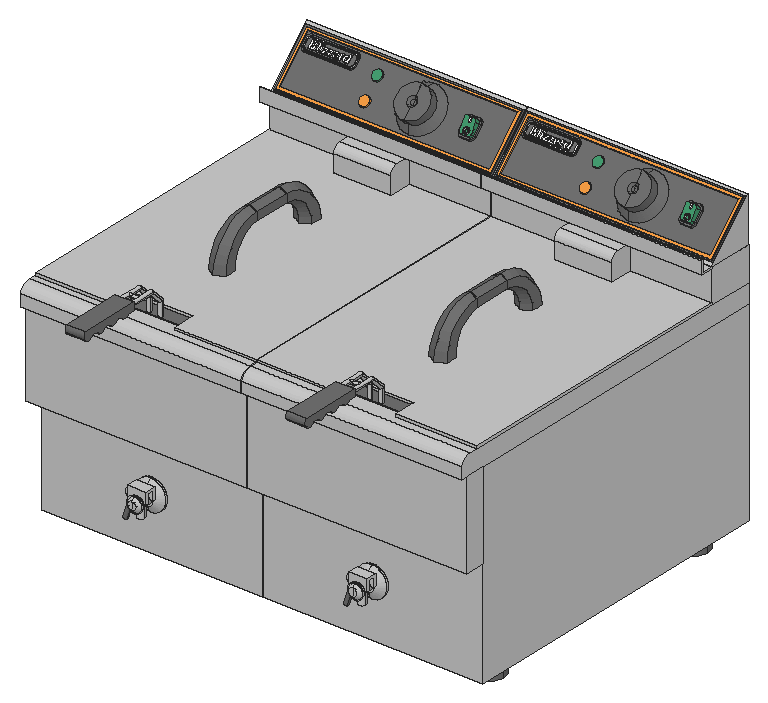
Revit family "QF_BLIZZARD_BF8-8", category Specialty Equipment, Revit 2016
Family settings
  Part Type = Normal
  Round Connector Dimension = Use Diameter
  OmniClass Number = 23.40.40.14
  OmniClass Title = Food Service Equipment
  Work Plane-Based = No
  Always vertical = Yes
  Cut with Voids When Loaded = No
  Shared = No
  Room Calculation Point = No
Parameters (values of type "BF8-8")
  URL = "www.blizzardequipment.com"
  Show Logo [instance] = yes
  Show Clearance [instance] = yes
  Model = "BF8-8"
  Manufacturer = "BLIZZARD"
  Description = "6000W DOUBLE TANK ELECTRIC FRYER WITH TAP 2 X 8L"
  Assembly Code = "E1090320"
Reference planes
  plane 1 "Back": y = 0
  plane 2: z = 0
  plane 3 "Left": x = 0
  plane 4 "Right": x = 580
  plane 5 "Front": y = -470
  plane 6 "Top": z = 405
Forms (mm)
  Extrusion 1, solid
    sketch origin (0, 0, 0) x (0, 1, 0) y (0, 0, 1)
      loop
        line (0, 345) -> (-60, 345) -> (-60, 300.012) -> (0, 300.012) -> (0, 345)
    from 0 to 290
  Extrusion 2, solid
    sketch origin (0, 0, 74.988) x (0, 1, 0) y (0, 0, 1)
      loop
        line (0, 270.012) -> (0, 330.012) -> (-60, 270.012) -> (0, 270.012)
    from 0 to 290
  Extrusion 3, solid
    sketch origin (0, 0, 65) x (0, 1, 0) y (0, 0, 1)
      loop
        line (0, 235.012) -> (-455, 235.012)
        arc (-455, 235.012) -> (-464.156, 232.126) -> (-470, 224.509) r 15.963
        line (-470, 224.509) -> (-470, 209.509) -> (0, 209.509) -> (0, 235.012)
    from 0 to 290
  Extrusion 4, solid
    sketch origin (0, 0, 0) x (0, 1, 0) y (0, 0, 1)
      loop
        line (0, 300.012) -> (-435, 300.012) -> (-435, 19.509) -> (0, 19.509) -> (0, 300.012)
    from 0 to 290
  Extrusion 5, solid
    sketch origin (0, 0, 65) x (0, 1, 0) y (0, 0, 1)
      loop
        line (-435, 209.509) -> (-461.464, 209.509) -> (-461.464, 94.761) -> (-435, 94.761) -> (-435, 209.509)
    from 0 to 290
  Extrusion 6, solid
    sketch origin (0, 0, 65) x (1, 0, 0) y (0, 1, 0)
      loop
        line (0, -60) -> (0, -445) -> (107.5, -445) -> (107.5, -415) -> (182.5, -415) -> (182.5, -445) -> (290, -445) -> (290, -60) -> (182.5, -60) -> (182.5, -90) -> (107.5, -90) -> (107.5, -60) -> (0, -60)
    from 235.012 to 238.012
  Extrusion 7, solid
    sketch origin (0, 0, 55) x (0, 1, 0) y (0, 0, 1)
      loop
        line (-90, 270.012) -> (-90, 245.012) -> (-60, 245.012) -> (-60, 280.012) -> (-80, 280.012)
        arc (-80, 280.012) -> (-87.071, 277.084) -> (-90, 270.012) r 10
    from 107.5 to 182.5
  Extrusion 8, solid
    sketch origin (0, 44.77, 0) x (1, 0, 0) y (0, 1, 0)
      loop
        circle (32.179, -94.77) r 20
    from 0 to 19.509
  Extrusion 9, solid
    sketch origin (225, 44.77, 0) x (1, 0, 0) y (0, 1, 0)
      loop
        circle (32.179, -94.77) r 20
    from 0 to 19.509
  Extrusion 10, solid
    sketch origin (0, -290.23, 0) x (1, 0, 0) y (0, 1, 0)
      loop
        circle (32.179, -94.77) r 20
    from 0 to 19.509
  Extrusion 11, solid
    sketch origin (225, -290.23, 0) x (1, 0, 0) y (0, 1, 0)
      loop
        circle (32.179, -94.77) r 20
    from 0 to 19.509
  SweptBlend 12, solid
    path origin (145, -40, 58.013) x (0, 1, 0) y (0, 0, 1)
      loop
        arc (-140, 245) -> (-153.394, 277.336) -> (-185.73, 290.73) r 45.73
    profile origin (145, -180, 303.013) x (0, -1, 0) y (1, 0, 0)
      loop
        line (-13.826, 0) -> (-6.913, -11.974) -> (6.913, -11.974) -> (13.826, 0) -> (6.913, 11.974) -> (-6.913, 11.974) -> (-13.826, 0)
    end profile origin (145, -225.73, 348.743) x (0, 0, -1) y (1, 0, 0)
      loop
        line (-5.187, 8.984) -> (-10.373, 0) -> (-5.187, -8.984) -> (5.187, -8.984) -> (10.373, 0) -> (5.187, 8.984) -> (-5.187, 8.984)
  Extrusion 13, solid
    sketch origin (0, -10, 58.013) x (1, 0, 0) y (0, 0, 1)
      loop
        line (153.984, 285.543) -> (153.984, 295.917) -> (145, 301.103) -> (136.016, 295.917) -> (136.016, 285.543) -> (145, 280.357) -> (153.984, 285.543)
    from 215.73 to 265
  SweptBlend 14, solid
    path origin (145, -460.73, 58.013) x (0, -1, 0) y (0, 0, -1)
      loop
        arc (-140, -245) -> (-153.394, -277.336) -> (-185.73, -290.73) r 45.73
    profile origin (145, -320.73, 303.013) x (0, -1, 0) y (1, 0, 0)
      loop
        line (13.826, 0) -> (6.913, 11.974) -> (-6.913, 11.974) -> (-13.826, 0) -> (-6.913, -11.974) -> (6.913, -11.974) -> (13.826, 0)
    end profile origin (145, -275, 348.743) x (0, 0, 1) y (1, 0, 0)
      loop
        line (5.187, 8.984) -> (-5.187, 8.984) -> (-10.373, 0) -> (-5.187, -8.984) -> (5.187, -8.984) -> (10.373, 0) -> (5.187, 8.984)
  Extrusion 15, solid
    sketch origin (0, 0, 0) x (0, 1, 0) y (0, 0, 1)
      loop
        line (-60, 345) -> (-75, 345) -> (-75, 360) -> (-77, 360) -> (-77, 343) -> (-60, 343) -> (-60, 345)
    from 0 to 290
  Extrusion 16, solid
    sketch origin (132.5, 0, 50) x (0, 1, 0) y (0, 0, 1)
      loop
        line (-479.826, 289.253) -> (-559.619, 289.253)
        arc (-559.619, 289.253) -> (-561.702, 284.152) -> (-559.619, 279.051) r 7.289
        arc (-559.619, 279.051) -> (-554.681, 277.153) -> (-549.826, 279.253) r 7
        arc (-549.826, 279.253) -> (-544.826, 281.354) -> (-539.826, 279.253) r 7
        arc (-539.826, 279.253) -> (-534.826, 277.152) -> (-529.826, 279.253) r 7
        arc (-529.826, 279.253) -> (-524.826, 281.354) -> (-519.826, 279.253) r 7
        arc (-519.826, 279.253) -> (-514.826, 277.152) -> (-509.826, 279.253) r 7
        arc (-509.826, 279.253) -> (-504.826, 281.354) -> (-499.826, 279.253) r 7
        arc (-499.826, 279.253) -> (-494.826, 277.152) -> (-489.826, 279.253) r 7
        line (-489.826, 279.253) -> (-479.826, 279.253) -> (-479.826, 289.253)
    from 0 to 25
  Sweep 17, solid
    path origin (137.5, 0, 50) x (0, 1, 0) y (0, 0, 1)
      loop
        line (-479.826, 284.253) -> (-446.21, 284.253) -> (-430.604, 268.646) -> (-430.604, 246.244)
    profile origin (137.5, -463.018, 334.253) x (0, 0, 1) y (1, 0, 0)
      loop
        circle (0, 0) r 2.5
  Sweep 18, solid
    path origin (152.5, 0, 50) x (0, 1, 0) y (0, 0, -1)
      loop
        line (-479.826, -284.253) -> (-446.21, -284.253) -> (-430.604, -268.646) -> (-430.604, -246.244)
    profile origin (152.5, -463.018, 334.253) x (0, 0, -1) y (-1, 0, 0)
      loop
        circle (0, 0) r 2.5
  Extrusion 19, solid
    sketch origin (0, 0, 65) x (0, 1, 0) y (0, 0, 1)
      loop
        circle (-464.018, 269.245) r 2.153
    from 139.06 to 150.884
  Extrusion 20, solid
    sketch origin (363.088, -120.562, 282.317) x (1, 0, 0) y (0, 0.707107, 0.707107)
      loop
        line (-361.088, 168) -> (-361.088, 92) -> (-75.088, 92) -> (-75.088, 168) -> (-361.088, 168)
    from 0 to 2
  Extrusion 21, solid
    sketch origin (363.088, -120.703, 282.458) x (1, 0, 0) y (0, 0.707107, 0.707107)
      loop
        line (-359.088, 166) -> (-359.088, 94) -> (-77.088, 94) -> (-77.088, 166) -> (-359.088, 166)
      loop
        line (-356.088, 163) -> (-356.088, 97) -> (-80.088, 97) -> (-80.088, 163) -> (-356.088, 163)
    from 0 to 2
  Revolve 22, solid
    sketch origin (174.671, 343.921, -92.536) x (0, 0.707107, -0.707107) y (0, 0.707107, 0.707107)
      loop
        line (-595, 97) -> (-603.953, 88.047) -> (-615.72, 88.047) -> (-615.72, 73.047) -> (-613.494, 70.821) -> (-613.494, 66.623) -> (-595, 66.623) -> (-595, 97)
      axis (-595, 66.623) -> (-615.72, 66.623)
    angle from 0 to 360
  Extrusion 23, solid
    sketch origin (-140.265, -56.111, 349.037) x (1, 0, 0) y (0, 0.707107, 0.707107)
      loop
        circle (248.792, 52.683) r 6.466
    from -0.205 to 1.127
  Extrusion 24, solid, visible <- "Show Logo"
    sketch origin (-13.221, -115.732, 287.713) x (1, 0, 0) y (0, 0.707107, 0.707107)
      loop
        arc (22.13, 139.05) -> (23.822, 134.965) -> (27.907, 133.273) r 5.777
        line (27.907, 133.273) -> (86.809, 133.273)
        arc (86.809, 133.273) -> (90.894, 134.965) -> (92.585, 139.05) r 5.777
        line (92.585, 139.05) -> (92.585, 147.215)
        arc (92.585, 147.215) -> (90.894, 151.299) -> (86.809, 152.991) r 5.777
        line (86.809, 152.991) -> (27.907, 152.991)
        arc (27.907, 152.991) -> (23.822, 151.299) -> (22.13, 147.215) r 5.777
        line (22.13, 147.215) -> (22.13, 139.05)
    from 0 to 2
  Extrusion 25, solid, visible <- "Show Logo"
    sketch origin (-13.221, -112.331, 291.396) x (1, 0, 0) y (0, 0.707107, 0.707107)
      loop
        line (30.3, 133.137) -> (36.162, 133.137)
        arc (36.162, 133.137) -> (39.122, 134.994) -> (38.048, 138.319) r 2.844
        arc (38.048, 138.319) -> (38.838, 141.267) -> (36.338, 143.017) r 2.66
        line (36.338, 143.017) -> (31.338, 143.017) -> (30.3, 133.137)
      loop
        line (33.066, 135.126) -> (35.993, 135.126)
        arc (35.993, 135.126) -> (36.943, 136.076) -> (35.993, 137.026) r 0.95
        line (35.993, 137.026) -> (33.066, 137.026) -> (33.066, 135.126)
      loop
        line (33.528, 139.285) -> (36.147, 139.285)
        arc (36.147, 139.285) -> (36.994, 140.133) -> (36.147, 140.98) r 0.847
        line (36.147, 140.98) -> (33.528, 140.98) -> (33.528, 139.285)
      loop
        line (40.306, 133.137) -> (42.874, 133.137) -> (43.912, 143.017) -> (41.344, 143.017) -> (40.306, 133.137)
      loop
        line (45.174, 140.98) -> (47.749, 140.98) -> (47.964, 143.017) -> (45.389, 143.017) -> (45.174, 140.98)
      loop
        line (45.104, 140.313) -> (44.35, 133.137) -> (46.671, 133.137) -> (47.425, 140.313) -> (45.104, 140.313)
      loop
        line (48.314, 138.359) -> (51.196, 138.359) -> (47.765, 134.548) -> (47.765, 133.137) -> (54.184, 133.137) -> (54.393, 135.126) -> (51.213, 135.126) -> (54.657, 138.952) -> (54.657, 140.313) -> (48.519, 140.313) -> (48.314, 138.359)
      loop
        line (55.213, 138.359) -> (58.095, 138.359) -> (54.664, 134.548) -> (54.664, 133.137) -> (61.084, 133.137) -> (61.293, 135.126) -> (58.112, 135.126) -> (61.557, 138.952) -> (61.557, 140.313) -> (55.419, 140.313) -> (55.213, 138.359)
      loop
        arc (64.816, 137.983) -> (65.785, 138.952) -> (66.753, 137.983) r 0.969
        line (66.753, 137.983) -> (64.711, 137.436)
        arc (64.711, 137.436) -> (62.642, 134.297) -> (66.342, 133.633) r 2.251
        line (66.342, 133.633) -> (66.77, 132.921) -> (69.168, 132.921) -> (68.641, 134.052) -> (69.084, 138.274)
        arc (69.084, 138.274) -> (65.782, 140.567) -> (62.514, 138.225) r 3.488
        line (62.514, 138.225) -> (64.816, 137.983)
      loop
        line (69.848, 133.137) -> (72.232, 133.137) -> (72.59, 136.546)
        arc (72.59, 136.546) -> (73.413, 137.974) -> (75.025, 138.32) r 2.029
        line (75.025, 138.32) -> (75.83, 140.313)
        arc (75.83, 140.313) -> (74.279, 140.541) -> (72.927, 139.749) r 2.362
        line (72.927, 139.749) -> (72.927, 140.627) -> (70.635, 140.627) -> (69.848, 133.137)
      loop
        line (82.596, 133.137) -> (83.635, 143.017) -> (81.373, 143.017) -> (81.031, 139.764)
        arc (81.031, 139.764) -> (75.402, 137.124) -> (80.359, 133.372) r 3.631
        line (80.359, 133.372) -> (82.596, 133.137)
      loop
        spline (78.956, 134.82) -> (79.32, 134.851) -> (79.675, 135.016) -> (79.994, 135.304) -> (80.258, 135.695) -> (80.446, 136.164) -> (80.548, 136.677) -> (80.555, 137.2) -> (80.468, 137.697) -> (80.292, 138.134) -> (80.039, 138.483) -> (79.727, 138.718) -> (79.376, 138.823)
        spline (79.376, 138.823) -> (79.011, 138.793) -> (78.657, 138.628) -> (78.338, 138.34) -> (78.074, 137.948) -> (77.886, 137.48) -> (77.784, 136.967) -> (77.777, 136.444) -> (77.864, 135.947) -> (78.04, 135.509) -> (78.293, 135.161) -> (78.605, 134.926) -> (78.956, 134.82)
      loop
        line (66.385, 136.28) -> (64.729, 135.958)
        arc (64.729, 135.958) -> (64.361, 135.233) -> (65.042, 134.788) r 0.609
        arc (65.042, 134.788) -> (66.068, 135.215) -> (66.385, 136.28) r 1.295
      loop
        line (85.459, 146.184) -> (29.578, 146.184)
        arc (29.578, 146.184) -> (25.494, 144.492) -> (23.802, 140.407) r 5.777
        line (23.802, 140.407) -> (23.802, 135.662)
        arc (23.802, 135.662) -> (25.494, 131.578) -> (29.578, 129.886) r 5.777
        line (29.578, 129.886) -> (85.459, 129.886)
        arc (85.459, 129.886) -> (89.544, 131.578) -> (91.236, 135.662) r 5.777
        line (91.236, 135.662) -> (91.236, 140.407)
        arc (91.236, 140.407) -> (89.544, 144.492) -> (85.459, 146.184) r 5.777
      loop
        line (85.459, 145.184) -> (29.578, 145.184)
        arc (29.578, 145.184) -> (26.201, 143.785) -> (24.802, 140.407) r 4.777
        line (24.802, 140.407) -> (24.802, 135.662)
        arc (24.802, 135.662) -> (26.201, 132.285) -> (29.578, 130.886) r 4.777
        line (29.578, 130.886) -> (85.459, 130.886)
        arc (85.459, 130.886) -> (88.837, 132.285) -> (90.236, 135.662) r 4.777
        line (90.236, 135.662) -> (90.236, 140.407)
        arc (90.236, 140.407) -> (88.837, 143.785) -> (85.459, 145.184) r 4.777
    from 0 to 2
  Extrusion 26, solid
    sketch origin (-140.265, -77.325, 327.824) x (1, 0, 0) y (0, 0.707107, 0.707107)
      loop
        circle (248.792, 52.683) r 6.466
    from -0.205 to 1.127
  Revolve 27, solid
    sketch origin (145, 0, 0) x (0, 1, 0) y (0, 0, 1)
      loop
        line (-435, 89.509) -> (-435, 109.509) -> (-437, 109.509) -> (-445, 99.509) -> (-445, 96.509) -> (-459.915, 96.509) -> (-459.915, 98.509) -> (-462.915, 98.509) -> (-462.915, 99.509) -> (-463.915, 99.509) -> (-463.915, 98.509) -> (-467.45, 94.974) -> (-467.45, 89.509) -> (-435, 89.509)
      axis (-467.45, 89.509) -> (-435, 89.509)
    angle from 0 to 360
  Extrusion 28, solid
    sketch origin (133, 0, -5) x (0, 1, 0) y (0, 0, 1)
      loop
        line (-459.915, 96.509) -> (-456.915, 96.509) -> (-456.915, 108.509) -> (-448, 108.509) -> (-448, 96.509) -> (-445, 96.509) -> (-445, 111.509) -> (-459.915, 111.509) -> (-459.915, 96.509)
    from 0 to 24
  Extrusion 29, solid
    sketch origin (135.638, 0, 59.094) x (0.956305, 0, -0.292372) y (0, 1, 0)
      loop
        circle (-12, -452.457) r 2.5
    from 0 to 30
  Extrusion 30, solid
    sketch origin (145, -436.039, -0.238) x (1, 0, 0) y (0, 0, 1)
      loop
        arc (-9.609, 90.778) -> (-8.345, 103.463) -> (-14.391, 92.24) r 6.5
        line (-14.391, 92.24) -> (-9.609, 90.778)
    from 11.961 to 20.876
  Extrusion 31, solid
    sketch origin (133, 0, 70.541) x (1, 0, 0) y (0, 1, 0)
      loop
        circle (12, -452.457) r 4.457
    from 0 to 20
  Extrusion 32, solid
    sketch origin (0, 0, 298.512) x (1, 0, 0) y (0, 1, 0)
      loop
        line (107.5, -435) -> (182.5, -435) -> (182.5, -415) -> (107.5, -415) -> (107.5, -435)
    from 0 to 2
  Extrusion 33, solid
    sketch origin (232, -591.848, -200.991) x (1, 0, 0) y (0, 0.707107, 0.707107)
      loop
        arc (3, 815) -> (0.879, 814.121) -> (0, 812) r 3
        line (0, 812) -> (0, 798)
        arc (0, 798) -> (0.879, 795.879) -> (3, 795) r 3
        line (3, 795) -> (12, 795)
        arc (12, 795) -> (14.121, 795.879) -> (15, 798) r 3
        line (15, 798) -> (15, 812)
        arc (15, 812) -> (14.121, 814.121) -> (12, 815) r 3
        line (12, 815) -> (3, 815)
    from 9.001 to 20
  Extrusion 34, void
    sketch origin (229.5, -139.3, -653.539) x (0, 0.707107, -0.707107) y (0, 0.707107, 0.707107)
      loop
        line (-659.545, 817.359) -> (-661.721, 817.359) -> (-661.721, 793) -> (-653.921, 793) -> (-659.545, 817.359)
    from 0 to 20
  Extrusion 35, solid
    sketch origin (232, -597.505, -195.334) x (1, 0, 0) y (0, 0.707107, 0.707107)
      loop
        arc (3, 818) -> (-1.243, 816.243) -> (-3, 812) r 6
        line (-3, 812) -> (-3, 798)
        arc (-3, 798) -> (-1.243, 793.757) -> (3, 792) r 6
        line (3, 792) -> (12, 792)
        arc (12, 792) -> (16.243, 793.757) -> (18, 798) r 6
        line (18, 798) -> (18, 812)
        arc (18, 812) -> (16.243, 816.243) -> (12, 818) r 6
        line (12, 818) -> (3, 818)
    from 0 to 4
  Extrusion 36, solid
    sketch origin (-130.281, -457.646, -300.086) x (1, 0, 0) y (0, 0.529919, 0.848048)
      loop
        line (368.781, 810.281) -> (368.781, 805.281) -> (370.781, 805.281) -> (370.781, 810.281) -> (368.781, 810.281)
    from 0 to 2
  Extrusion 37, solid
    sketch origin (-130.281, -465.065, -311.959) x (1, 0, 0) y (0, 0.529919, 0.848048)
      loop
        circle (369.781, 809.781) r 2.5
      loop
        circle (369.781, 809.781) r 3.5
    from 0 to 2
  Extrusion 38, solid
    sketch origin (290, 0, 0) x (0, 1, 0) y (0, 0, 1)
      loop
        line (0, 345) -> (-60, 345) -> (-60, 300.012) -> (0, 300.012) -> (0, 345)
    from 0 to 290
  Extrusion 39, solid
    sketch origin (290, 0, 74.988) x (0, 1, 0) y (0, 0, 1)
      loop
        line (0, 270.012) -> (0, 330.012) -> (-60, 270.012) -> (0, 270.012)
    from 0 to 290
  Extrusion 40, solid
    sketch origin (290, 0, 65) x (0, 1, 0) y (0, 0, 1)
      loop
        line (0, 235.012) -> (-455, 235.012)
        arc (-455, 235.012) -> (-464.156, 232.126) -> (-470, 224.509) r 15.963
        line (-470, 224.509) -> (-470, 209.509) -> (0, 209.509) -> (0, 235.012)
    from 0 to 290
  Extrusion 41, solid
    sketch origin (290, 0, 0) x (0, 1, 0) y (0, 0, 1)
      loop
        line (0, 300.012) -> (-435, 300.012) -> (-435, 19.509) -> (0, 19.509) -> (0, 300.012)
    from 0 to 290
  Extrusion 42, solid
    sketch origin (290, 0, 65) x (0, 1, 0) y (0, 0, 1)
      loop
        line (-435, 209.509) -> (-461.464, 209.509) -> (-461.464, 94.761) -> (-435, 94.761) -> (-435, 209.509)
    from 0 to 290
  Extrusion 43, solid
    sketch origin (290, 0, 65) x (1, 0, 0) y (0, 1, 0)
      loop
        line (0, -60) -> (0, -445) -> (107.5, -445) -> (107.5, -415) -> (182.5, -415) -> (182.5, -445) -> (290, -445) -> (290, -60) -> (182.5, -60) -> (182.5, -90) -> (107.5, -90) -> (107.5, -60) -> (0, -60)
    from 235.012 to 238.012
  Extrusion 44, solid
    sketch origin (290, 0, 55) x (0, 1, 0) y (0, 0, 1)
      loop
        line (-90, 270.012) -> (-90, 245.012) -> (-60, 245.012) -> (-60, 280.012) -> (-80, 280.012)
        arc (-80, 280.012) -> (-87.071, 277.084) -> (-90, 270.012) r 10
    from 107.5 to 182.5
  Extrusion 45, solid
    sketch origin (290, 44.77, 0) x (1, 0, 0) y (0, 1, 0)
      loop
        circle (32.179, -94.77) r 20
    from 0 to 19.509
  Extrusion 46, solid
    sketch origin (515, 44.77, 0) x (1, 0, 0) y (0, 1, 0)
      loop
        circle (32.179, -94.77) r 20
    from 0 to 19.509
  Extrusion 47, solid
    sketch origin (290, -290.23, 0) x (1, 0, 0) y (0, 1, 0)
      loop
        circle (32.179, -94.77) r 20
    from 0 to 19.509
  Extrusion 48, solid
    sketch origin (515, -290.23, 0) x (1, 0, 0) y (0, 1, 0)
      loop
        circle (32.179, -94.77) r 20
    from 0 to 19.509
  SweptBlend 49, solid
    path origin (435, -40, 58.013) x (0, 1, 0) y (0, 0, 1)
      loop
        arc (-140, 245) -> (-153.394, 277.336) -> (-185.73, 290.73) r 45.73
    profile origin (435, -180, 303.013) x (0, -1, 0) y (1, 0, 0)
      loop
        line (-13.826, 0) -> (-6.913, -11.974) -> (6.913, -11.974) -> (13.826, 0) -> (6.913, 11.974) -> (-6.913, 11.974) -> (-13.826, 0)
    end profile origin (435, -225.73, 348.743) x (0, 0, -1) y (1, 0, 0)
      loop
        line (-5.187, 8.984) -> (-10.373, 0) -> (-5.187, -8.984) -> (5.187, -8.984) -> (10.373, 0) -> (5.187, 8.984) -> (-5.187, 8.984)
  Extrusion 50, solid
    sketch origin (290, -10, 58.013) x (1, 0, 0) y (0, 0, 1)
      loop
        line (153.984, 285.543) -> (153.984, 295.917) -> (145, 301.103) -> (136.016, 295.917) -> (136.016, 285.543) -> (145, 280.357) -> (153.984, 285.543)
    from 215.73 to 265
  SweptBlend 51, solid
    path origin (435, -460.73, 58.013) x (0, -1, 0) y (0, 0, -1)
      loop
        arc (-140, -245) -> (-153.394, -277.336) -> (-185.73, -290.73) r 45.73
    profile origin (435, -320.73, 303.013) x (0, -1, 0) y (1, 0, 0)
      loop
        line (13.826, 0) -> (6.913, 11.974) -> (-6.913, 11.974) -> (-13.826, 0) -> (-6.913, -11.974) -> (6.913, -11.974) -> (13.826, 0)
    end profile origin (435, -275, 348.743) x (0, 0, 1) y (1, 0, 0)
      loop
        line (5.187, 8.984) -> (-5.187, 8.984) -> (-10.373, 0) -> (-5.187, -8.984) -> (5.187, -8.984) -> (10.373, 0) -> (5.187, 8.984)
  Extrusion 52, solid
    sketch origin (290, 0, 0) x (0, 1, 0) y (0, 0, 1)
      loop
        line (-60, 345) -> (-75, 345) -> (-75, 360) -> (-77, 360) -> (-77, 343) -> (-60, 343) -> (-60, 345)
    from 0 to 290
  Extrusion 53, solid
    sketch origin (422.5, 0, 50) x (0, 1, 0) y (0, 0, 1)
      loop
        line (-479.826, 289.253) -> (-559.619, 289.253)
        arc (-559.619, 289.253) -> (-561.702, 284.152) -> (-559.619, 279.051) r 7.289
        arc (-559.619, 279.051) -> (-554.681, 277.153) -> (-549.826, 279.253) r 7
        arc (-549.826, 279.253) -> (-544.826, 281.354) -> (-539.826, 279.253) r 7
        arc (-539.826, 279.253) -> (-534.826, 277.152) -> (-529.826, 279.253) r 7
        arc (-529.826, 279.253) -> (-524.826, 281.354) -> (-519.826, 279.253) r 7
        arc (-519.826, 279.253) -> (-514.826, 277.152) -> (-509.826, 279.253) r 7
        arc (-509.826, 279.253) -> (-504.826, 281.354) -> (-499.826, 279.253) r 7
        arc (-499.826, 279.253) -> (-494.826, 277.152) -> (-489.826, 279.253) r 7
        line (-489.826, 279.253) -> (-479.826, 279.253) -> (-479.826, 289.253)
    from 0 to 25
  Sweep 54, solid
    path origin (427.5, 0, 50) x (0, 1, 0) y (0, 0, 1)
      loop
        line (-479.826, 284.253) -> (-446.21, 284.253) -> (-430.604, 268.646) -> (-430.604, 246.244)
    profile origin (427.5, -463.018, 334.253) x (0, 0, 1) y (1, 0, 0)
      loop
        circle (0, 0) r 2.5
  Sweep 55, solid
    path origin (442.5, 0, 50) x (0, 1, 0) y (0, 0, -1)
      loop
        line (-479.826, -284.253) -> (-446.21, -284.253) -> (-430.604, -268.646) -> (-430.604, -246.244)
    profile origin (442.5, -463.018, 334.253) x (0, 0, -1) y (-1, 0, 0)
      loop
        circle (0, 0) r 2.5
  Extrusion 56, solid
    sketch origin (290, 0, 65) x (0, 1, 0) y (0, 0, 1)
      loop
        circle (-464.018, 269.245) r 2.153
    from 139.06 to 150.884
  Extrusion 57, solid
    sketch origin (653.088, -120.562, 282.317) x (1, 0, 0) y (0, 0.707107, 0.707107)
      loop
        line (-361.088, 168) -> (-361.088, 92) -> (-75.088, 92) -> (-75.088, 168) -> (-361.088, 168)
    from 0 to 2
  Extrusion 58, solid
    sketch origin (653.088, -120.703, 282.458) x (1, 0, 0) y (0, 0.707107, 0.707107)
      loop
        line (-359.088, 166) -> (-359.088, 94) -> (-77.088, 94) -> (-77.088, 166) -> (-359.088, 166)
      loop
        line (-356.088, 163) -> (-356.088, 97) -> (-80.088, 97) -> (-80.088, 163) -> (-356.088, 163)
    from 0 to 2
  Revolve 59, solid
    sketch origin (464.671, 343.921, -92.536) x (0, 0.707107, -0.707107) y (0, 0.707107, 0.707107)
      loop
        line (-595, 97) -> (-603.953, 88.047) -> (-615.72, 88.047) -> (-615.72, 73.047) -> (-613.494, 70.821) -> (-613.494, 66.623) -> (-595, 66.623) -> (-595, 97)
      axis (-595, 66.623) -> (-615.72, 66.623)
    angle from 0 to 360
  Extrusion 60, solid
    sketch origin (149.735, -56.111, 349.037) x (1, 0, 0) y (0, 0.707107, 0.707107)
      loop
        circle (248.792, 52.683) r 6.466
    from -0.205 to 1.127
  Extrusion 61, solid, visible <- "Show Logo"
    sketch origin (276.779, -115.732, 287.713) x (1, 0, 0) y (0, 0.707107, 0.707107)
      loop
        arc (22.13, 139.05) -> (23.822, 134.965) -> (27.907, 133.273) r 5.777
        line (27.907, 133.273) -> (86.809, 133.273)
        arc (86.809, 133.273) -> (90.894, 134.965) -> (92.585, 139.05) r 5.777
        line (92.585, 139.05) -> (92.585, 147.215)
        arc (92.585, 147.215) -> (90.894, 151.299) -> (86.809, 152.991) r 5.777
        line (86.809, 152.991) -> (27.907, 152.991)
        arc (27.907, 152.991) -> (23.822, 151.299) -> (22.13, 147.215) r 5.777
        line (22.13, 147.215) -> (22.13, 139.05)
    from 0 to 2
  Extrusion 62, solid, visible <- "Show Logo"
    sketch origin (276.779, -112.331, 291.396) x (1, 0, 0) y (0, 0.707107, 0.707107)
      loop
        line (30.3, 133.137) -> (36.162, 133.137)
        arc (36.162, 133.137) -> (39.122, 134.994) -> (38.048, 138.319) r 2.844
        arc (38.048, 138.319) -> (38.838, 141.267) -> (36.338, 143.017) r 2.66
        line (36.338, 143.017) -> (31.338, 143.017) -> (30.3, 133.137)
      loop
        line (33.066, 135.126) -> (35.993, 135.126)
        arc (35.993, 135.126) -> (36.943, 136.076) -> (35.993, 137.026) r 0.95
        line (35.993, 137.026) -> (33.066, 137.026) -> (33.066, 135.126)
      loop
        line (33.528, 139.285) -> (36.147, 139.285)
        arc (36.147, 139.285) -> (36.994, 140.133) -> (36.147, 140.98) r 0.847
        line (36.147, 140.98) -> (33.528, 140.98) -> (33.528, 139.285)
      loop
        line (40.306, 133.137) -> (42.874, 133.137) -> (43.912, 143.017) -> (41.344, 143.017) -> (40.306, 133.137)
      loop
        line (45.174, 140.98) -> (47.749, 140.98) -> (47.964, 143.017) -> (45.389, 143.017) -> (45.174, 140.98)
      loop
        line (45.104, 140.313) -> (44.35, 133.137) -> (46.671, 133.137) -> (47.425, 140.313) -> (45.104, 140.313)
      loop
        line (48.314, 138.359) -> (51.196, 138.359) -> (47.765, 134.548) -> (47.765, 133.137) -> (54.184, 133.137) -> (54.393, 135.126) -> (51.213, 135.126) -> (54.657, 138.952) -> (54.657, 140.313) -> (48.519, 140.313) -> (48.314, 138.359)
      loop
        line (55.213, 138.359) -> (58.095, 138.359) -> (54.664, 134.548) -> (54.664, 133.137) -> (61.084, 133.137) -> (61.293, 135.126) -> (58.112, 135.126) -> (61.557, 138.952) -> (61.557, 140.313) -> (55.419, 140.313) -> (55.213, 138.359)
      loop
        arc (64.816, 137.983) -> (65.785, 138.952) -> (66.753, 137.983) r 0.969
        line (66.753, 137.983) -> (64.711, 137.436)
        arc (64.711, 137.436) -> (62.642, 134.297) -> (66.342, 133.633) r 2.251
        line (66.342, 133.633) -> (66.77, 132.921) -> (69.168, 132.921) -> (68.641, 134.052) -> (69.084, 138.274)
        arc (69.084, 138.274) -> (65.782, 140.567) -> (62.514, 138.225) r 3.488
        line (62.514, 138.225) -> (64.816, 137.983)
      loop
        line (69.848, 133.137) -> (72.232, 133.137) -> (72.59, 136.546)
        arc (72.59, 136.546) -> (73.413, 137.974) -> (75.025, 138.32) r 2.029
        line (75.025, 138.32) -> (75.83, 140.313)
        arc (75.83, 140.313) -> (74.279, 140.541) -> (72.927, 139.749) r 2.362
        line (72.927, 139.749) -> (72.927, 140.627) -> (70.635, 140.627) -> (69.848, 133.137)
      loop
        line (82.596, 133.137) -> (83.635, 143.017) -> (81.373, 143.017) -> (81.031, 139.764)
        arc (81.031, 139.764) -> (75.402, 137.124) -> (80.359, 133.372) r 3.631
        line (80.359, 133.372) -> (82.596, 133.137)
      loop
        spline (78.956, 134.82) -> (79.32, 134.851) -> (79.675, 135.016) -> (79.994, 135.304) -> (80.258, 135.695) -> (80.446, 136.164) -> (80.548, 136.677) -> (80.555, 137.2) -> (80.468, 137.697) -> (80.292, 138.134) -> (80.039, 138.483) -> (79.727, 138.718) -> (79.376, 138.823)
        spline (79.376, 138.823) -> (79.011, 138.793) -> (78.657, 138.628) -> (78.338, 138.34) -> (78.074, 137.948) -> (77.886, 137.48) -> (77.784, 136.967) -> (77.777, 136.444) -> (77.864, 135.947) -> (78.04, 135.509) -> (78.293, 135.161) -> (78.605, 134.926) -> (78.956, 134.82)
      loop
        line (66.385, 136.28) -> (64.729, 135.958)
        arc (64.729, 135.958) -> (64.361, 135.233) -> (65.042, 134.788) r 0.609
        arc (65.042, 134.788) -> (66.068, 135.215) -> (66.385, 136.28) r 1.295
      loop
        line (85.459, 146.184) -> (29.578, 146.184)
        arc (29.578, 146.184) -> (25.494, 144.492) -> (23.802, 140.407) r 5.777
        line (23.802, 140.407) -> (23.802, 135.662)
        arc (23.802, 135.662) -> (25.494, 131.578) -> (29.578, 129.886) r 5.777
        line (29.578, 129.886) -> (85.459, 129.886)
        arc (85.459, 129.886) -> (89.544, 131.578) -> (91.236, 135.662) r 5.777
        line (91.236, 135.662) -> (91.236, 140.407)
        arc (91.236, 140.407) -> (89.544, 144.492) -> (85.459, 146.184) r 5.777
      loop
        line (85.459, 145.184) -> (29.578, 145.184)
        arc (29.578, 145.184) -> (26.201, 143.785) -> (24.802, 140.407) r 4.777
        line (24.802, 140.407) -> (24.802, 135.662)
        arc (24.802, 135.662) -> (26.201, 132.285) -> (29.578, 130.886) r 4.777
        line (29.578, 130.886) -> (85.459, 130.886)
        arc (85.459, 130.886) -> (88.837, 132.285) -> (90.236, 135.662) r 4.777
        line (90.236, 135.662) -> (90.236, 140.407)
        arc (90.236, 140.407) -> (88.837, 143.785) -> (85.459, 145.184) r 4.777
    from 0 to 2
  Extrusion 63, solid
    sketch origin (149.735, -77.325, 327.824) x (1, 0, 0) y (0, 0.707107, 0.707107)
      loop
        circle (248.792, 52.683) r 6.466
    from -0.205 to 1.127
  Revolve 64, solid
    sketch origin (435, 0, 0) x (0, 1, 0) y (0, 0, 1)
      loop
        line (-435, 89.509) -> (-435, 109.509) -> (-437, 109.509) -> (-445, 99.509) -> (-445, 96.509) -> (-459.915, 96.509) -> (-459.915, 98.509) -> (-462.915, 98.509) -> (-462.915, 99.509) -> (-463.915, 99.509) -> (-463.915, 98.509) -> (-467.45, 94.974) -> (-467.45, 89.509) -> (-435, 89.509)
      axis (-467.45, 89.509) -> (-435, 89.509)
    angle from 0 to 360
  Extrusion 65, solid
    sketch origin (423, 0, -5) x (0, 1, 0) y (0, 0, 1)
      loop
        line (-459.915, 96.509) -> (-456.915, 96.509) -> (-456.915, 108.509) -> (-448, 108.509) -> (-448, 96.509) -> (-445, 96.509) -> (-445, 111.509) -> (-459.915, 111.509) -> (-459.915, 96.509)
    from 0 to 24
  Extrusion 66, solid
    sketch origin (425.638, 0, 59.094) x (0.956305, 0, -0.292372) y (0, 1, 0)
      loop
        circle (-12, -452.457) r 2.5
    from 0 to 30
  Extrusion 67, solid
    sketch origin (435, -436.039, -0.238) x (1, 0, 0) y (0, 0, 1)
      loop
        arc (-9.609, 90.778) -> (-8.345, 103.463) -> (-14.391, 92.24) r 6.5
        line (-14.391, 92.24) -> (-9.609, 90.778)
    from 11.961 to 20.876
  Extrusion 68, solid
    sketch origin (423, 0, 70.541) x (1, 0, 0) y (0, 1, 0)
      loop
        circle (12, -452.457) r 4.457
    from 0 to 20
  Extrusion 69, solid
    sketch origin (290, 0, 298.512) x (1, 0, 0) y (0, 1, 0)
      loop
        line (107.5, -435) -> (182.5, -435) -> (182.5, -415) -> (107.5, -415) -> (107.5, -435)
    from 0 to 2
  Extrusion 70, solid
    sketch origin (522, -591.848, -200.991) x (1, 0, 0) y (0, 0.707107, 0.707107)
      loop
        arc (3, 815) -> (0.879, 814.121) -> (0, 812) r 3
        line (0, 812) -> (0, 798)
        arc (0, 798) -> (0.879, 795.879) -> (3, 795) r 3
        line (3, 795) -> (12, 795)
        arc (12, 795) -> (14.121, 795.879) -> (15, 798) r 3
        line (15, 798) -> (15, 812)
        arc (15, 812) -> (14.121, 814.121) -> (12, 815) r 3
        line (12, 815) -> (3, 815)
    from 9.001 to 20
  Extrusion 71, void
    sketch origin (519.5, -139.3, -653.539) x (0, 0.707107, -0.707107) y (0, 0.707107, 0.707107)
      loop
        line (-659.545, 817.359) -> (-661.721, 817.359) -> (-661.721, 793) -> (-653.921, 793) -> (-659.545, 817.359)
    from 0 to 20
  Extrusion 72, solid
    sketch origin (522, -597.505, -195.334) x (1, 0, 0) y (0, 0.707107, 0.707107)
      loop
        arc (3, 818) -> (-1.243, 816.243) -> (-3, 812) r 6
        line (-3, 812) -> (-3, 798)
        arc (-3, 798) -> (-1.243, 793.757) -> (3, 792) r 6
        line (3, 792) -> (12, 792)
        arc (12, 792) -> (16.243, 793.757) -> (18, 798) r 6
        line (18, 798) -> (18, 812)
        arc (18, 812) -> (16.243, 816.243) -> (12, 818) r 6
        line (12, 818) -> (3, 818)
    from 0 to 4
  Extrusion 73, solid
    sketch origin (159.719, -457.646, -300.086) x (1, 0, 0) y (0, 0.529919, 0.848048)
      loop
        line (368.781, 810.281) -> (368.781, 805.281) -> (370.781, 805.281) -> (370.781, 810.281) -> (368.781, 810.281)
    from 0 to 2
  Extrusion 74, solid
    sketch origin (159.719, -465.065, -311.959) x (1, 0, 0) y (0, 0.529919, 0.848048)
      loop
        circle (369.781, 809.781) r 2.5
      loop
        circle (369.781, 809.781) r 3.5
    from 0 to 2
Cuts and joins
  joined: Extrusion 1, Extrusion 2, Extrusion 3, Extrusion 4
  Extrusion 34, Extrusion 71 cuts Extrusion 33
  Extrusion 71 cuts Extrusion 36
  Extrusion 71 cuts Extrusion 37
  Extrusion 71 cuts Extrusion 70
  Extrusion 71 cuts Extrusion 73
  Extrusion 71 cuts Extrusion 74
Lines and regions (mm)
  reference lines
    curve 1: line (0, -183.475, 1485) -> (0, -697.791, 1021.908)
  symbolic lines, style "200-EquipBorder-2D"
    curve 2: line (0, 0, 0) -> (580, 0, 0)
    curve 3: line (580, 0, 0) -> (580, -470, 0)
    curve 5: line (445, -470, 0) -> (580, -470, 0)
    curve 16: line (0, 0, 0) -> (0, -470, 0)
    curve 48: line (157.5, -561.702, 0) -> (132.5, -561.702, 0)
    curve 49: line (132.5, -561.702, 0) -> (132.5, -479.826, 0)
    curve 50: line (132.5, -479.826, 0) -> (157.5, -479.826, 0)
    curve 51: line (157.5, -479.826, 0) -> (157.5, -561.702, 0)
    curve 52: line (135.028, -430.228, 0) -> (135.028, -479.826, 0)
    curve 53: line (140, -430.604, 0) -> (140, -461.742, 0)
    curve 54: line (150.028, -430.979, 0) -> (150.028, -461.742, 0)
    curve 55: line (155, -430.604, 0) -> (155, -479.826, 0)
    curve 56: line (150, -479.826, 0) -> (150, -466.195, 0)
    curve 57: line (150, -466.195, 0) -> (140, -466.195, 0)
    curve 58: line (140, -466.195, 0) -> (140, -479.826, 0)
    curve 59: arc (140, -430.604, 0) -> (137.688, -428.111, 0) -> (135.028, -430.228, 0) r 2.5
    curve 60: arc (155, -430.604, 0) -> (152.312, -428.111, 0) -> (150.028, -430.979, 0) r 2.5
    curve 61: line (140, -461.742, 0) -> (150.028, -461.742, 0)
    curve 63: line (150, -470, 0) -> (140, -470, 0)
    curve 66: line (0, -470, 0) -> (135.028, -470, 0)
    curve 71: line (447.5, -561.702, 0) -> (422.5, -561.702, 0)
    curve 72: line (422.5, -561.702, 0) -> (422.5, -479.826, 0)
    curve 73: line (422.5, -479.826, 0) -> (447.5, -479.826, 0)
    curve 74: line (447.5, -479.826, 0) -> (447.5, -561.702, 0)
    curve 75: line (425.028, -430.228, 0) -> (425.028, -479.826, 0)
    curve 76: line (430, -430.604, 0) -> (430, -461.742, 0)
    curve 77: line (440.028, -430.979, 0) -> (440.028, -461.742, 0)
    curve 78: line (445, -430.604, 0) -> (445, -479.826, 0)
    curve 79: line (440, -479.826, 0) -> (440, -466.195, 0)
    curve 80: line (440, -466.195, 0) -> (430, -466.195, 0)
    curve 81: line (430, -466.195, 0) -> (430, -479.826, 0)
    curve 82: arc (430, -430.604, 0) -> (427.688, -428.111, 0) -> (425.028, -430.228, 0) r 2.5
    curve 83: arc (445, -430.604, 0) -> (442.312, -428.111, 0) -> (440.028, -430.979, 0) r 2.5
    curve 84: line (430, -461.742, 0) -> (440.028, -461.742, 0)
    curve 86: line (440, -470, 0) -> (430, -470, 0)
    curve 89: line (155, -470, 0) -> (425.028, -470, 0)
  symbolic lines, style "200-EquipInternal-2D"
    curve 4: line (0, -60, 0) -> (580, -60, 0)
    curve 6: spline (153.247, -45.073, 0) -> (146.631, -38.101, 0) -> (144.294, -29.868, 0) -> (146.591, -21.63, 0) -> (153.173, -14.642, 0) -> (163.034, -9.972, 0) -> (174.671, -8.332, 0) -> (186.308, -9.972, 0) -> (196.17, -14.642, 0) -> (202.751, -21.63, 0) -> (205.048, -29.868, 0) -> (202.711, -38.101, 0) -> (196.095, -45.073, 0)
    curve 7: spline (196.095, -44.47, 0) -> (195.365, -48.394, 0) -> (193.225, -52.051, 0) -> (189.82, -55.191, 0) -> (185.383, -57.601, 0) -> (180.216, -59.116, 0) -> (174.671, -59.632, 0) -> (169.126, -59.116, 0) -> (163.959, -57.601, 0) -> (159.522, -55.191, 0) -> (156.117, -52.051, 0) -> (153.977, -48.394, 0) -> (153.247, -44.47, 0) -> (153.977, -40.545, 0) -> (156.117, -36.888, 0) -> (159.522, -33.748, 0) -> (163.959, -31.338, 0) -> (169.126, -29.824, 0) -> (174.671, -29.307, 0) -> (180.216, -29.824, 0) -> (185.383, -31.338, 0) -> (189.82, -33.748, 0) -> (193.225, -36.888, 0) -> (195.365, -40.545, 0) -> (196.095, -44.47, 0)
    curve 8: spline (196.095, -36.168, 0) -> (195.365, -32.243, 0) -> (193.225, -28.586, 0) -> (189.82, -25.446, 0) -> (185.383, -23.036, 0) -> (180.216, -21.522, 0) -> (174.671, -21.005, 0) -> (169.126, -21.522, 0) -> (163.959, -23.036, 0) -> (159.522, -25.446, 0) -> (156.117, -28.586, 0) -> (153.977, -32.243, 0) -> (153.247, -36.168, 0)
    curve 9: line (153.247, -36.168, 0) -> (153.247, -45.073, 0)
    curve 10: line (196.095, -36.168, 0) -> (196.095, -45.073, 0)
    curve 11: spline (443.247, -45.073, 0) -> (436.631, -38.101, 0) -> (434.294, -29.868, 0) -> (436.591, -21.63, 0) -> (443.173, -14.642, 0) -> (453.034, -9.972, 0) -> (464.671, -8.332, 0) -> (476.308, -9.972, 0) -> (486.17, -14.642, 0) -> (492.751, -21.63, 0) -> (495.048, -29.868, 0) -> (492.711, -38.101, 0) -> (486.095, -45.073, 0)
    curve 12: spline (486.095, -44.47, 0) -> (485.365, -48.394, 0) -> (483.225, -52.051, 0) -> (479.82, -55.191, 0) -> (475.383, -57.601, 0) -> (470.216, -59.116, 0) -> (464.671, -59.632, 0) -> (459.126, -59.116, 0) -> (453.959, -57.601, 0) -> (449.522, -55.191, 0) -> (446.117, -52.051, 0) -> (443.977, -48.394, 0) -> (443.247, -44.47, 0) -> (443.977, -40.545, 0) -> (446.117, -36.888, 0) -> (449.522, -33.748, 0) -> (453.959, -31.338, 0) -> (459.126, -29.824, 0) -> (464.671, -29.307, 0) -> (470.216, -29.824, 0) -> (475.383, -31.338, 0) -> (479.82, -33.748, 0) -> (483.225, -36.888, 0) -> (485.365, -40.545, 0) -> (486.095, -44.47, 0)
    curve 13: spline (486.095, -36.168, 0) -> (485.365, -32.243, 0) -> (483.225, -28.586, 0) -> (479.82, -25.446, 0) -> (475.383, -23.036, 0) -> (470.216, -21.522, 0) -> (464.671, -21.005, 0) -> (459.126, -21.522, 0) -> (453.959, -23.036, 0) -> (449.522, -25.446, 0) -> (446.117, -28.586, 0) -> (443.977, -32.243, 0) -> (443.247, -36.168, 0)
    curve 14: line (443.247, -36.168, 0) -> (443.247, -45.073, 0)
    curve 15: line (486.095, -36.168, 0) -> (486.095, -45.073, 0)
    curve 17: line (136.016, -225.73, 0) -> (136.016, -275, 0)
    curve 18: line (136.016, -225.73, 0) -> (133.026, -173.087, 0)
    curve 19: line (133.026, -173.087, 0) -> (145, -166.174, 0)
    curve 20: line (145, -166.174, 0) -> (156.974, -173.087, 0)
    curve 21: line (156.974, -173.087, 0) -> (153.984, -225.73, 0)
    curve 22: line (153.984, -275, 0) -> (153.984, -225.73, 0)
    curve 23: line (153.984, -275, 0) -> (156.974, -327.643, 0)
    curve 24: line (156.974, -327.643, 0) -> (145, -334.556, 0)
    curve 25: line (145, -334.556, 0) -> (133.026, -327.643, 0)
    curve 26: line (133.026, -327.643, 0) -> (136.016, -275, 0)
    curve 27: line (426.016, -225.73, 0) -> (426.016, -275, 0)
    curve 28: line (426.016, -225.73, 0) -> (423.026, -173.087, 0)
    curve 29: line (423.026, -173.087, 0) -> (435, -166.174, 0)
    curve 30: line (435, -166.174, 0) -> (446.974, -173.087, 0)
    curve 31: line (446.974, -173.087, 0) -> (443.984, -225.73, 0)
    curve 32: line (443.984, -275, 0) -> (443.984, -225.73, 0)
    curve 33: line (443.984, -275, 0) -> (446.974, -327.643, 0)
    curve 34: line (446.974, -327.643, 0) -> (435, -334.556, 0)
    curve 35: line (435, -334.556, 0) -> (423.026, -327.643, 0)
    curve 36: line (423.026, -327.643, 0) -> (426.016, -275, 0)
    curve 37: line (107.5, -60, 0) -> (107.5, -90, 0)
    curve 38: line (107.5, -90, 0) -> (182.5, -90, 0)
    curve 39: line (182.5, -90, 0) -> (182.5, -60, 0)
    curve 40: line (397.5, -60, 0) -> (397.5, -90, 0)
    curve 41: line (397.5, -90, 0) -> (472.5, -90, 0)
    curve 42: line (472.5, -90, 0) -> (472.5, -60, 0)
    curve 43: line (0, -445, 0) -> (107.5, -445, 0)
    curve 44: line (107.5, -445, 0) -> (107.5, -415, 0)
    curve 45: line (107.5, -415, 0) -> (182.5, -415, 0)
    curve 46: line (182.5, -415, 0) -> (182.5, -445, 0)
    curve 47: line (182.5, -445, 0) -> (397.5, -445, 0)
    curve 62: line (140, -435, 0) -> (150.028, -435, 0)
    curve 64: line (107.5, -435, 0) -> (135.028, -435, 0)
    curve 65: line (155, -435, 0) -> (182.5, -435, 0)
    curve 67: line (397.5, -445, 0) -> (397.5, -415, 0)
    curve 68: line (397.5, -415, 0) -> (472.5, -415, 0)
    curve 69: line (472.5, -415, 0) -> (472.5, -445, 0)
    curve 70: line (472.5, -445, 0) -> (580, -445, 0)
    curve 85: line (430, -435, 0) -> (440.028, -435, 0)
    curve 87: line (397.5, -435, 0) -> (425.028, -435, 0)
    curve 88: line (445, -435, 0) -> (472.5, -435, 0)
    curve 90: line (290, 0, 0) -> (290, -470, 0)
Dimensions and locks
  plane 3 "Left" to plane 4 "Right" = 580 mm
  plane 5 "Front" to plane 1 "Back" = 470 mm
  plane 1 "Back" to plane 5 "Front" = 470 mm
  plane 4 "Right" to plane 3 "Left" = 580 mm
  plane 6 "Top" to level = 405 mm  (x2)
  aligned and locked: level to plane 2
